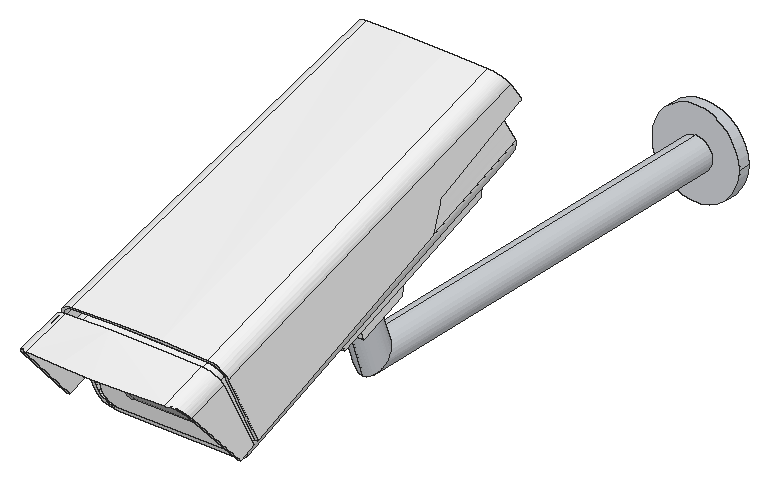
Revit family "CAMERA OUTDOOR", category Security Devices, Revit 2019
Family settings
  Maintain Annotation Orientation = No
  Round Connector Dimension = Use Diameter
  Part Type = Normal
  OmniClass Number = 23.85.30.17.14
  OmniClass Title = Video Surveillance
  Work Plane-Based = No
  Always vertical = No
  Cut with Voids When Loaded = No
  Shared = No
  Room Calculation Point = No
Parameters (values of type "CCTV_Outdoor")
  _Upper Limit [instance] = if(FOV Upper Limit - _H < 0 mm, 0 mm, FOV Upper Limit - _H)  # 219.832 mm
  _Bottom Limit [instance] = if(FOV Bottom Limit + _H < 0 mm, 0 mm, FOV Bottom Limit + _H)  # 2680.168 mm
  _H [instance] = sqrt(X ^ 2 + Y ^ 2) * sin(atan(X / Y) - FOV Camera Tilt) + 64 mm  # 80.168 mm
  Y = 200 mm
  X = 90 mm
  _Camera Tilt [instance] = FOV Camera Tilt + 90.00°  # 110.00°
  _posOffset [instance] = if(Origin Vertical > 0 mm, abs(Origin Vertical), 0 mm)  # 0 mm
  _negOffset [instance] = if(Origin Vertical < 0 mm, abs(Origin Vertical), 0 mm)  # 64 mm
  Target Resolution Units [instance] = if(Metric, "Pixels per meter", "Pixels per foot")  # "Pixels per meter"
  Target Area [instance] = ""
  Suspension Length = 725 mm
  Origin Vertical = -64 mm
  URL = ""
  Show Field of View [instance] = no
  Model = ""
  Metric = yes
  Manufacturer = ""
  Origin Horizontal = 400 mm
  FOV Vertical Resolution = 1920
  FOV Target Resolution [instance] = 180
  FOV Horizontal Resolution = 2560
  FOV Horizontal Minimum = 33.00°
  FOV Horizontal Maximum = 89.00°
  FOV Focal Length Minimum = 1
  FOV Focal Length Maximum = 100
  FOV Desired Focal Length [instance] = 5
  FOV Camera Tilt [instance] = 20.00°
  FOV Camera Rotation [instance] = 0.00°
  FOV Distance to Object [instance] = 6000 mm
  FOV Upper Limit [instance] = 300 mm
  FOV Bottom Limit [instance] = 2600 mm
  FOV Actual Focal Length [instance] = if(FOV Desired Focal Length > FOV Focal Length Maximum, FOV Focal Length Maximum, if(FOV Desired Focal Length < FOV Focal Length Minimum, FOV Focal Length Minimum, FOV Desired Focal Length))  # 5
  Ethernet Connector = ""
  Description = ""
  Assembly Code = ""
Reference planes
  plane 1 "Center (Front/Back)": y = 0
  plane 2 "Camera House Origin": z = 64
  plane 3 "Center (Left/Right)": x = 0
  plane 4 "FOV Bottom Limit": z = -2600
  plane 5 "Horizontal Origin": y = 400
  plane 6 "negOffset": z = 64
  plane 7: z = 0
  plane 8: z = 300
  plane 9: z = 725
Forms (mm)
  Sweep 1, solid, detail levels medium+fine
    path origin (0, 0, 0) x (0, 1, 0) y (0, 0, 1)
      loop
        line (2.755, 56.43) -> (23.294, 0) -> (400, 0)
    profile origin (0, 13.025, 28.215) x (0, 0.939693, 0.34202) y (1, 0, 0)
      loop
        circle (7.672, -0.064) r 15
  Extrusion 2, solid
    sketch origin (0, 400, 0) x (1, 0, 0) y (0, 0, -1)
      loop
        circle (-0.064, -7.672) r 40
    from 0 to 10
Lines and regions (mm)
  symbolic lines, style "InvisibleLines"
    curve 1: line (0, 23, -2600) -> (0, -23, -2600)
    curve 2: line (-23, 0, -2600) -> (23, 0, -2600)
  reference lines
    curve 3: line (0, 105, 64) -> (0, 0, 64)
    curve 4: line (0, 0, 64) -> (0, -30.782, 148.572)
    curve 5: line (0, -30.782, 148.572) -> (0, -218.72, 80.168)
    curve 6: line (0, -218.72, 80.168) -> (0, -218.72, 295.168)
    curve 7: line (0, 400, 0) -> (0, 0, 0)
    curve 8: line (-40, 400, 0) -> (40, 400, 0)
    curve 9: line (0, 400, 0) -> (0, 400, -2600)
Dimensions and locks
  "Origin Horizontal": plane 5 "Horizontal Origin" to plane 1 "Center (Front/Back)"
  "_negOffset": plane 6 "negOffset" to level
  "_posOffset": plane 6 "negOffset" to plane 2 "Camera House Origin"
  "FOV Bottom Limit": level to plane 4 "FOV Bottom Limit"
  "X": curve 4 to curve 4
  "Y": curve 5 to curve 5
  "FOV Upper Limit": plane 8 to level
  "Suspension Length": plane 9 to level
  angle curve 5 to curve 4 = 90.00°
  "_Camera Tilt": angle curve 4 to curve 3
  angle plane 2 "Camera House Origin" to curve 6 = 90.00°
  "FOV Camera Rotation": angle curve 3 to plane 3 "Center (Left/Right)"
  aligned and locked: level to plane 7
  aligned and locked: curve 3 to nested 1
  aligned and locked: plane 1 "Center (Front/Back)" to curve 3
  aligned and locked: plane 2 "Camera House Origin" to curve 4
  aligned and locked: plane 1 "Center (Front/Back)" to curve 7
  aligned and locked: plane 5 "Horizontal Origin" to curve 7
  aligned and locked: curve 7 to plane 3 "Center (Left/Right)"
  aligned and locked: plane 5 "Horizontal Origin" to curve 8
  aligned and locked: curve 9 to plane 5 "Horizontal Origin"
  aligned and locked: plane 4 "FOV Bottom Limit" to curve 9
  aligned and locked: plane 7 to curve 9
  aligned and locked: Sweep 1 sketch curve to curve 7
Automatic sketch dimensions
  plane 1 "Center (Front/Back)" to curve 2 = 0 mm
  curve 1 to plane 3 "Center (Left/Right)" = 0 mm
  plane 3 "Center (Left/Right)" to curve 2 = 23 mm
  curve 2 to plane 3 "Center (Left/Right)" = 23 mm
  curve 1 to plane 1 "Center (Front/Back)" = 23 mm
  plane 1 "Center (Front/Back)" to curve 1 = 23 mm
  curve 4 to curve 3 = 0 mm
  curve 5 to curve 6 = 0 mm
  curve 6 to curve 5 = 0 mm
  plane 1 "Center (Front/Back)" to curve 3 = 0 mm
  curve 3 to plane 3 "Center (Left/Right)" = 0 mm
  curve 8 to curve 7 = 40 mm
  plane 3 "Center (Left/Right)" to curve 8 = 40 mm
  Sweep 1 sketch curve to profile plane = 7.672 mm
  Sweep 1 sketch curve to plane 3 "Center (Left/Right)" = 0.064 mm
  Sweep 1 sketch curve to plane 1 "Center (Front/Back)" = 23.294 mm
  Sweep 1 sketch curve to plane 1 "Center (Front/Back)" = 2.755 mm
  Sweep 1 sketch curve to plane 2 "Camera House Origin" = 7.57 mm
  Sweep 1 sketch curve to plane 5 "Horizontal Origin" = 0 mm
  radius of Sweep 1 sketch curve = 15 mm
  radius of Sweep 1 to Extrusion 2 sketch curve = 25 mm
Nested families
  nested 1: "Camera_House" at (0, -5.643, 79.505) x (1, 0, 0) z (0, -0.342, 0.9397), type "Default", detail levels medium+fine
  nested 2: "Family1" at (0, 400, 0) x (0, -1, 0) z (0, 0, 1), type "Family1"
Connectors
  electrical at (0, 400, 0), driven by "Ethernet Connector"
    settings: index 1, voltage 0 V, apparent load 0 VA, apparent load phase1 0 VA, apparent load phase2 0 VA, apparent load phase3 0 VA, power factor 1, load classification "Other", number of poles 1, system type 10, power factor state 1, is connector primary yes, connector utility no, sub classification motor no, connector description ""
Definition of nested family "Camera_House"
  Parameters
    Model = ""
    Manufacturer = "Axis Communications AB"  # constant formula
    Default Elevation = 1219.2 mm
    Assembly Code = "D5030800"
  Reference planes
    plane 1 "Center (Front/Back)": y = 0
    plane 2: z = 0
    plane 3 "Center (Left/Right)": x = 0
    plane 4 "Back": y = 153
    plane 5 "Front": y = -252
    plane 6 "Right": x = 81
    plane 7 "Left": x = -81
    plane 8: z = 52
    plane 9: z = 142
    plane 10: z = 111
    plane 11: z = 25
    plane 12: x = -69
    plane 13: x = 69
    plane 14: y = -61
    plane 15: y = 121
    plane 16: x = 45
    plane 17: x = -45
    plane 18: y = -54
    plane 19: y = 112
    plane 20: x = -43
    plane 21: x = 43
    plane 22 "Screen": y = -191.358
  Forms (mm)
    Blend 1, solid
      base sketch origin (0, -252, 0) x (0, 0, 1) y (-1, 0, 0)
        loop
          line (52, 81) -> (52, 78.498) -> (124.513, 75.268)
          arc (124.513, 75.268) -> (132.951, 71.645) -> (136.89, 63.35) r 13
          arc (136.89, 63.35) -> (139.5, 0) -> (136.89, -63.35) r 770.219
          arc (136.89, -63.35) -> (132.951, -71.645) -> (124.513, -75.268) r 13
          line (124.513, -75.268) -> (52, -78.498) -> (52, -81) -> (124.624, -77.765)
          arc (124.624, -77.765) -> (134.685, -73.446) -> (139.382, -63.556) r 15.5
          arc (139.382, -63.556) -> (142, 0) -> (139.382, 63.556) r 772.719
          arc (139.382, 63.556) -> (134.685, 73.446) -> (124.624, 77.765) r 15.5
          line (124.624, 77.765) -> (52, 81)
      top sketch origin (0, 153, 0) x (0, 0, 1) y (-1, 0, 0)
        loop
          arc (94.417, -68.914) -> (104.148, -64.74) -> (108.698, -55.178) r 15
          arc (108.698, -55.178) -> (111, 0) -> (108.698, 55.178) r 662.38
          arc (108.698, 55.178) -> (104.148, 64.74) -> (94.417, 68.914) r 15
          line (94.417, 68.914) -> (52, 70.803) -> (52, 68.301) -> (94.306, 66.416)
          arc (94.306, 66.416) -> (102.415, 62.938) -> (106.206, 54.97) r 12.5
          arc (106.206, 54.97) -> (108.5, 0) -> (106.206, -54.97) r 659.88
          arc (106.206, -54.97) -> (102.415, -62.938) -> (94.306, -66.416) r 12.5
          line (94.306, -66.416) -> (52, -68.301) -> (52, -70.803) -> (94.417, -68.914)
      from 5 to -3
    Extrusion 2, void
      sketch origin (0, 0, 0) x (0, 1, 0) y (0, 0, 1)
        loop
          line (-210.882, 51.992) -> (-246.223, 134.356) -> (-246.582, 135.193)
          arc (-246.582, 135.193) -> (-247.221, 136.303) -> (-248.1, 137.235) r 5.495
          line (-248.1, 137.235) -> (-263.918, 150.508) -> (-270.844, 150.508) -> (-270.844, 42.196) -> (-210.882, 42.196) -> (-210.882, 51.992)
      from -100 to 100
    Extrusion 3, void
      sketch origin (0, 0, 0) x (0, 1, 0) y (0, 0, 1)
        loop
          line (31.4, 51.777) -> (31.4, 0) -> (176.4, 0) -> (176.4, 142) -> (135.523, 142) -> (152.907, 77.123)
          arc (152.907, 77.123) -> (152.66, 75.833) -> (151.495, 75.227) r 1.507
          line (151.495, 75.227) -> (53.571, 72.406)
          arc (53.571, 72.406) -> (50.197, 71.612) -> (47.408, 69.555) r 8.627
          line (47.408, 69.555) -> (31.4, 51.777)
      from -100 to 100
    Extrusion 4, void
      sketch origin (0, 0, 0) x (0, 1, 0) y (0, 0, 1)
        loop
          line (-206.081, 147.943) -> (-193.522, 45.66) -> (-189.534, 45.66) -> (-198.483, 147.943) -> (-206.081, 147.943)
      from -100 to 100
    Extrusion 5, void
      sketch origin (0, -193, 0) x (0, 0, -1) y (-1, 0, 0)
        loop
          arc (-113.672, 62) -> (-119.521, 59.403) -> (-122.166, 53.575) r 9
          arc (-122.166, 53.575) -> (-123.842, 0.001) -> (-122.17, -53.574) r 858.28
          arc (-122.17, -53.574) -> (-119.526, -59.402) -> (-113.677, -61.999) r 9
          line (-113.677, -61.999) -> (-43.76, -65.803)
          arc (-43.76, -65.803) -> (-33.373, -61.988) -> (-29, -51.823) r 14
          line (-29, -51.823) -> (-29, 51.823)
          arc (-29, 51.823) -> (-33.373, 61.988) -> (-43.76, 65.803) r 14
          line (-43.76, 65.803) -> (-113.672, 62)
      from -59 to 1.642
    Extrusion 6, solid
      sketch origin (0, -191.358, 123.842) x (0, 0, 1) y (-1, 0, 0)
        loop
          arc (-69.842, 39) -> (-74.084, 37.243) -> (-75.842, 33) r 6
          line (-75.842, 33) -> (-75.842, -33)
          arc (-75.842, -33) -> (-74.084, -37.243) -> (-69.842, -39) r 6
          line (-69.842, -39) -> (-24.842, -39)
          arc (-24.842, -39) -> (-20.599, -37.243) -> (-18.842, -33) r 6
          line (-18.842, -33) -> (-18.842, 33)
          arc (-18.842, 33) -> (-20.599, 37.243) -> (-24.842, 39) r 6
          line (-24.842, 39) -> (-69.842, 39)
      from 2 to 0
    Blend 7, solid
      base sketch origin (0, 0, 0) x (1, 0, 0) y (0, 1, 0)
        loop
          line (-43, -54) -> (43, -54) -> (43, 112) -> (-43, 112) -> (-43, -54)
      top sketch origin (0, 0, 0) x (1, 0, 0) y (0, 1, 0)
        loop
          line (45, 121) -> (-45, 121) -> (-45, -61) -> (45, -61) -> (45, 121)
      from 0 to 25
    Blend 8, solid
      base sketch origin (0, -193, 0) x (0, 0, -1) y (-1, 0, 0)
        loop
          arc (-114.685, 66.218) -> (-122.493, 62.807) -> (-126.068, 55.074) r 12
          arc (-126.068, 55.074) -> (-128, 0) -> (-126.068, -55.074) r 785.927
          arc (-126.068, -55.074) -> (-122.493, -62.807) -> (-114.685, -66.218) r 12
          line (-114.685, -66.218) -> (-43.257, -69.722)
          arc (-43.257, -69.722) -> (-30.403, -64.943) -> (-25, -52.339) r 17.404
          line (-25, -52.339) -> (-25, 52.339)
          arc (-25, 52.339) -> (-30.403, 64.943) -> (-43.257, 69.722) r 17.404
          line (-43.257, 69.722) -> (-114.685, 66.218)
      top sketch origin (0, -193, 0) x (0, 0, -1) y (-1, 0, 0)
        loop
          line (-25, -48.264) -> (-25, 48.264)
          arc (-25, 48.264) -> (-30.309, 60.529) -> (-42.885, 65.054) r 16.824
          line (-42.885, 65.054) -> (-89.191, 62.129)
          arc (-89.191, 62.129) -> (-96.888, 58.67) -> (-100.405, 51) r 12
          arc (-100.405, 51) -> (-102.207, 0) -> (-100.405, -51) r 722.666
          arc (-100.405, -51) -> (-96.888, -58.67) -> (-89.191, -62.129) r 12
          line (-89.191, -62.129) -> (-42.885, -65.054)
          arc (-42.885, -65.054) -> (-30.309, -60.529) -> (-25, -48.264) r 16.824
      from -15 to 346
    Extrusion 9, void
      sketch origin (0, 0, 0) x (0, 1, 0) y (0, 0, 1)
        loop
          line (131.952, 14.96) -> (168.865, 14.96) -> (168.865, 107.121) -> (128.865, 107.121) -> (140.485, 41.22) -> (131.952, 14.96)
      from 81 to -81
    Extrusion 10, void
      sketch origin (0, 0, 0) x (0, 1, 0) y (0, 0, 1)
        loop
          line (-190.55, 18.419) -> (-204.449, 131.62) -> (-217.898, 131.62) -> (-217.898, 18.419) -> (-190.55, 18.419)
      from 92.501 to -92.385
    Extrusion 11, solid
      sketch origin (0, 0, 0) x (0, 1, 0) y (0, 0, 1)
        loop
          line (34, 0) -> (-22, 0) -> (-22, -24.556) -> (24, -24.556) -> (34, -5.672) -> (34, 0)
      from -30 to 30
  Cuts and joins
    Extrusion 2, Extrusion 3, Extrusion 4 cuts Blend 1
    Extrusion 5, Extrusion 9, Extrusion 10 cuts Blend 8
    joined: Blend 7, Blend 8
  Dimensions and locks
    plane 1 "Center (Front/Back)" to plane 4 "Back" = 153 mm
    plane 5 "Front" to plane 1 "Center (Front/Back)" = 252 mm
    plane 7 "Left" to plane 6 "Right" = 162 mm
    equal spacing: plane 7 "Left", plane 3 "Center (Left/Right)", plane 6 "Right"
    plane 5 "Front" to plane 4 "Back" = 405 mm
    plane 8 to level = 52 mm
    plane 10 to level = 111 mm
    plane 9 to level = 142 mm
    plane 11 to level = 25 mm
    equal spacing: plane 13, plane 3 "Center (Left/Right)", plane 12
    plane 13 to plane 12 = 138 mm
    plane 15 to plane 1 "Center (Front/Back)" = 121 mm
    plane 1 "Center (Front/Back)" to plane 14 = 61 mm
    equal spacing: plane 17, plane 3 "Center (Left/Right)", plane 16
    plane 17 to plane 16 = 90 mm
    aligned and locked: level to plane 2
  Automatic sketch dimensions
    Extrusion 3 sketch curve to level = 0 mm
    plane 9 to Extrusion 3 sketch curve = 0 mm
    Extrusion 3 sketch curve to Extrusion 3 sketch curve = 6.163 mm
    Extrusion 3 sketch curve to Extrusion 3 sketch curve = 0.248 mm
    Extrusion 3 sketch curve to plane 15 = 14.523 mm
    plane 4 "Back" to Extrusion 3 sketch curve = 1.549 mm
    plane 4 "Back" to Extrusion 3 sketch curve = 1.505 mm
    plane 4 "Back" to Extrusion 3 sketch curve = 0.093 mm
    Extrusion 3 sketch curve to plane 4 "Back" = 23.4 mm
    Extrusion 3 sketch curve to plane 8 = 0.223 mm
    Extrusion 3 sketch curve to Extrusion 3 sketch curve = 5.773 mm
    Extrusion 3 sketch curve to Extrusion 3 sketch curve = 1.506 mm
    Extrusion 4 sketch curve to plane 9 = 5.943 mm
    Blend 7 sketch curve to plane 19 = 0 mm
    Blend 7 sketch curve to plane 20 = 0 mm
    Blend 7 sketch curve to plane 21 = 0 mm
    Blend 7 sketch curve to plane 18 = 0 mm
    plane 15 to Blend 7 sketch curve = 0 mm
    Blend 7 sketch curve to plane 17 = 0 mm
    plane 14 to Blend 7 sketch curve = 0 mm
    Blend 7 sketch curve to plane 16 = 0 mm
    Extrusion 9 sketch curve to plane 10 = 3.879 mm
    Extrusion 9 sketch curve to plane 15 = 7.865 mm
    Extrusion 9 sketch curve to plane 15 = 10.952 mm
    plane 4 "Back" to Extrusion 9 sketch curve = 12.515 mm
    Extrusion 9 sketch curve to plane 4 "Back" = 15.865 mm
    Extrusion 9 sketch curve to plane 11 = 10.04 mm
    Extrusion 10 sketch curve to plane 11 = 6.581 mm
    plane 9 to Extrusion 10 sketch curve = 10.38 mm
    Extrusion 4 sketch curve to plane 8 = 6.34 mm
    Extrusion 9 sketch curve to plane 8 = 10.78 mm
    plane 8 to Extrusion 3 sketch curve = 11.782 mm
    plane 8 to Extrusion 3 sketch curve = 23.227 mm
    Extrusion 3 sketch curve to Extrusion 3 sketch curve = 16.008 mm
    Extrusion 3 sketch curve to plane 1 "Center (Front/Back)" = 53.819 mm
    plane 5 "Front" to Extrusion 2 sketch curve = 18.844 mm
    Extrusion 2 sketch curve to Extrusion 2 sketch curve = 6.927 mm
    Extrusion 2 sketch curve to plane 5 "Front" = 0.368 mm
    Extrusion 2 sketch curve to plane 5 "Front" = 3.9 mm
    Extrusion 2 sketch curve to Extrusion 2 sketch curve = 1.518 mm
    Extrusion 2 sketch curve to Extrusion 2 sketch curve = 0.359 mm
    Extrusion 2 sketch curve to plane 8 = 9.804 mm
    Extrusion 2 sketch curve to plane 8 = 0.008 mm
    plane 9 to Extrusion 2 sketch curve = 8.974 mm
    Extrusion 2 sketch curve to Extrusion 2 sketch curve = 1.33 mm
    Extrusion 2 sketch curve to Extrusion 2 sketch curve = 0.837 mm
    Extrusion 2 sketch curve to plane 9 = 8.508 mm
    plane 1 "Center (Front/Back)" to Extrusion 11 sketch curve = 22 mm
    Extrusion 11 sketch curve to plane 1 "Center (Front/Back)" = 24 mm
    Extrusion 11 sketch curve to level = 5.672 mm
    Extrusion 11 sketch curve to Extrusion 11 sketch curve = 10 mm
    Extrusion 11 sketch curve to level = 24.556 mm
    Extrusion 11 sketch curve to level = 0 mm
    plane 3 "Center (Left/Right)" to Blend 1 sketch curve = 0 mm  (x2)
    Blend 1 sketch curve to plane 8 = 0 mm  (x4)
    plane 21 to Blend 1 sketch curve = 10.929 mm
    Blend 1 sketch curve to plane 13 = 0.086 mm
    plane 8 to Blend 1 sketch curve = 42.417 mm
    Blend 1 sketch curve to plane 10 = 17.25 mm
    Blend 1 sketch curve to plane 12 = 0.086 mm
    Blend 1 sketch curve to plane 10 = 2.302 mm
    Blend 1 sketch curve to Blend 1 sketch curve = 0 mm  (x15)
    plane 13 to Blend 1 sketch curve = 1.803 mm
    Blend 1 sketch curve to plane 13 = 0.699 mm
    Blend 1 sketch curve to plane 12 = 0.699 mm
    plane 12 to Blend 1 sketch curve = 1.803 mm
    Blend 1 sketch curve to Blend 1 sketch curve = 0.667 mm
    Blend 1 sketch curve to Blend 1 sketch curve = 0.111 mm  (x4)
    Blend 1 sketch curve to Blend 1 sketch curve = 2.491 mm  (x3)
    Blend 1 sketch curve to Blend 1 sketch curve = 0.208 mm  (x2)
    plane 6 "Right" to Blend 1 sketch curve = 0 mm
    Blend 1 sketch curve to level = 630.719 mm
    plane 10 to Blend 1 sketch curve = 12.934 mm  (x2)
    plane 7 "Left" to Blend 1 sketch curve = 5.732 mm
    Blend 1 sketch curve to Blend 1 sketch curve = 0.578 mm  (x2)
    plane 6 "Right" to Blend 1 sketch curve = 5.732 mm
    plane 7 "Left" to Blend 1 sketch curve = 3.235 mm
    plane 9 to Blend 1 sketch curve = 5.11 mm  (x2)
    Blend 1 sketch curve to Blend 1 sketch curve = 2.492 mm
    Blend 1 sketch curve to Blend 1 sketch curve = 2.502 mm
    plane 7 "Left" to Blend 1 sketch curve = 2.502 mm
    Blend 1 sketch curve to plane 7 "Left" = 0 mm
    Blend 8 sketch curve to plane 11 = 0 mm  (x2)
    Blend 8 sketch curve to plane 3 "Center (Left/Right)" = 0 mm  (x2)
    plane 16 to Blend 8 sketch curve = 3.264 mm
    Blend 8 sketch curve to plane 8 = 10.176 mm  (x2)
    plane 17 to Blend 8 sketch curve = 3.264 mm
    Blend 8 sketch curve to plane 12 = 3.946 mm
    Blend 8 sketch curve to plane 13 = 3.946 mm
    plane 20 to Blend 8 sketch curve = 7.153 mm
    plane 8 to Blend 8 sketch curve = 36.435 mm
    Blend 8 sketch curve to plane 12 = 6.871 mm
    Blend 8 sketch curve to Blend 8 sketch curve = 0.757 mm  (x2)
    plane 16 to Blend 8 sketch curve = 5.153 mm
    Blend 8 sketch curve to plane 10 = 22.565 mm
    Blend 8 sketch curve to plane 13 = 6.871 mm
    plane 16 to Blend 8 sketch curve = 6 mm
    Blend 8 sketch curve to Blend 8 sketch curve = 11.97 mm
    Blend 8 sketch curve to plane 8 = 9.596 mm  (x2)
    plane 12 to Blend 8 sketch curve = 0.722 mm
    Blend 8 sketch curve to plane 8 = 8.743 mm  (x2)
    plane 13 to Blend 8 sketch curve = 0.722 mm
    plane 20 to Blend 8 sketch curve = 11.233 mm
    plane 10 to Blend 8 sketch curve = 3.097 mm  (x2)
    Blend 8 sketch curve to plane 12 = 2.782 mm
    plane 10 to Blend 8 sketch curve = 3.685 mm  (x2)
    Blend 8 sketch curve to Blend 8 sketch curve = 11.971 mm  (x2)
    Blend 8 sketch curve to Blend 8 sketch curve = 0 mm  (x2)
    plane 10 to Extrusion 5 sketch curve = 11.17 mm
    Extrusion 5 sketch curve to Extrusion 5 sketch curve = 0 mm  (x2)
    plane 17 to Extrusion 5 sketch curve = 8.575 mm
    Extrusion 5 sketch curve to Extrusion 5 sketch curve = 0.005 mm
    plane 10 to Extrusion 5 sketch curve = 2.677 mm
    plane 10 to Extrusion 5 sketch curve = 2.672 mm
    plane 10 to Extrusion 5 sketch curve = 2.188 mm
    plane 10 to Extrusion 5 sketch curve = 2.183 mm
    Extrusion 5 sketch curve to plane 8 = 8.24 mm  (x2)
    Extrusion 5 sketch curve to plane 8 = 9 mm  (x2)
    Extrusion 5 sketch curve to plane 12 = 3.197 mm
    plane 17 to Extrusion 5 sketch curve = 6.823 mm
    plane 3 "Center (Left/Right)" to Extrusion 5 sketch curve = 0.037 mm
    Extrusion 5 sketch curve to level = 734.438 mm
    Extrusion 5 sketch curve to plane 13 = 3.197 mm
    plane 22 "Screen" to Extrusion 2 sketch curve = 19.524 mm
    plane 22 "Screen" to Extrusion 4 sketch curve = 14.723 mm
    plane 22 "Screen" to Extrusion 4 sketch curve = 7.125 mm
    plane 22 "Screen" to Extrusion 4 sketch curve = 2.164 mm
    Extrusion 4 sketch curve to plane 22 "Screen" = 1.823 mm
    plane 22 "Screen" to Extrusion 10 sketch curve = 26.541 mm
    plane 22 "Screen" to Extrusion 10 sketch curve = 13.092 mm
    Extrusion 10 sketch curve to plane 22 "Screen" = 0.808 mm
    Extrusion 6 sketch curve to plane 8 = 4 mm
    plane 8 to Extrusion 6 sketch curve = 2 mm  (x2)
    Extrusion 6 sketch curve to plane 21 = 4 mm
    Extrusion 6 sketch curve to plane 10 = 12 mm  (x2)
    Extrusion 6 sketch curve to plane 20 = 4 mm
    Extrusion 6 sketch curve to plane 10 = 6 mm
Definition of nested family "Family1"
  Reference planes
    plane 1 "Center (Front/Back)": y = 0
    plane 2: z = 0
    plane 3 "Center (Left/Right)": x = 0
  Lines and regions (mm)
    Filled region 1, type "Concrete", in view "Ref. Level"
      outline origin (0, 0, 0) x (1, 0, 0) y (0, 1, 0)
        loop
          line (182.966, 84.303) -> (182.966, -84.303) -> (527.966, -84.303) -> (527.966, 84.303) -> (182.966, 84.303)
    detail lines, in view "Ref. Level"
      curve 1: line (182.966, 84.303, 0) -> (527.966, 84.303, 0)
      curve 2: line (182.966, -84.303, 0) -> (182.966, 84.303, 0)
      curve 3: line (527.966, -84.303, 0) -> (182.966, -84.303, 0)
      curve 4: line (527.966, 84.303, 0) -> (527.966, -84.303, 0)
      curve 5: line (527.966, -0.697, 0) -> (689, 98.401, 0)
      curve 6: line (689, 98.401, 0) -> (689, -99.795, 0)
      curve 7: line (689, -99.795, 0) -> (527.966, -0.697, 0)
      curve 8: line (236, 0, 0) -> (0, 0, 0)
      curve 9: line (0, 59.303, 0) -> (0, -40.697, 0)
